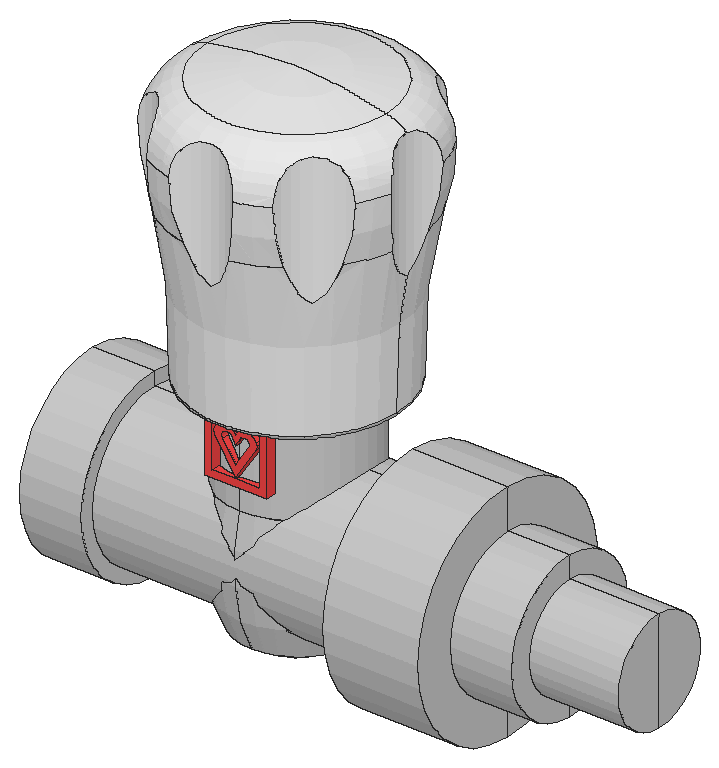
Revit family "Запорно-регулирующий радиаторный клапан GP, проходной 5523", category Rohrzubehör, Revit 2020
Family settings
  Bemaßung runder Anschluss = Durchmesser verwenden
  Teiletyp = Unterbricht
  OmniClass-Nummer = 23.65.55.14
  OmniClass-Titel = Valves for Liquid Services
  Arbeitsebenenbasiert = Nein
  Immer vertikal = Ja
  Beim Laden mit Abzugskörper schneiden = Nein
  Gemeinsam genutzt = Nein
Parameters
  Среда = "Качество воды в соответствии с ÖNORM H 5195 или директивой VDI 2035."
  Область применения = "Системы водяного отопления, в которых требуется точное ручное гидравлическое регулирование подачи воды к отопительным приборам. Рекомендуется также для монтажа в системах холодоснабжения, для точного ручного регулирования регистров охлаждения."
  Номер заказа [instance] = size_lookup("5523_", "Artnr", 0, Nennweite)  # 1552321
  Маховик = "Пластик, белый"  # constant formula
  Макс. рабочее давление = 1000000.0 Pa  # constant formula
  Макс. рабочая температура = 120 °C  # constant formula
  Корпус = "Никелированная латунь"  # constant formula
  Исполнение = "Универсальные модели со специальной муфтой для резьбовой трубы и компрессионных фитингов, никелированные."
  W01 = 60.00°  # constant formula
  Vorgabe-Ansicht = 0.000 mm
  URL = "www.herz-armaturen.ru"
  SCRNSEQ = "ARM;ARM_TYP=\"ALLF\";2"
  SCRNCODE = "05;00;02"  # constant formula
  S04 = 45.000 mm  # constant formula
  S03 = 61.000 mm  # constant formula
  S02 [instance] = L05 + L06 + L07  # 53.300 mm
  S01 = 10.000 mm  # constant formula
  R05 = 25.000 mm  # constant formula
  R04 = 2.000 mm  # constant formula
  R03 = 28.000 mm  # constant formula
  R02 = 11.500 mm  # constant formula
  R01 = 10.500 mm  # constant formula
  Nennweite [instance] = 15.000 mm
  LO1 = 10.500 mm  # constant formula
  L07 [instance] = size_lookup("5523_", "L7", 1.000 mm, Nennweite)  # 22.300 mm
  L06 [instance] = size_lookup("5523_", "L6", 1.000 mm, Nennweite)  # 14.000 mm
  L05 [instance] = L02 - L04  # 17.000 mm
  L04 [instance] = size_lookup("5523_", "L4", 1.000 mm, Nennweite)  # 8.000 mm
  L03 [instance] = size_lookup("5523_", "L3", 1.000 mm, Nennweite)  # 9.000 mm
  L02 [instance] = size_lookup("5523_", "L2", 1.000 mm, Nennweite)  # 25.000 mm
  L01 [instance] = size_lookup("5523_", "L1", 1.000 mm, Nennweite)  # 30.000 mm
  Hersteller = "HERZ Armaturen Ges.m.b.H."  # constant formula
  H02 = 25.500 mm  # constant formula
  H01 = 17.000 mm  # constant formula
  GTI [instance] = size_lookup("5523_", "GT1", 1.000 mm, Nennweite)  # 13.200 mm
  GT [instance] = size_lookup("5523_", "GT", 1.000 mm, Nennweite)  # 9.500 mm
  G2 [instance] = Nennweite / 2  # 7.500 mm
  G1 [instance] = Nennweite / 2  # 7.500 mm
  D05 [instance] = size_lookup("5523_", "D5", 1.000 mm, Nennweite)  # 10.650 mm
  D04 [instance] = size_lookup("5523_", "D4", 1.000 mm, Nennweite)  # 16.500 mm
  D03 [instance] = size_lookup("5523_", "D3", 1.000 mm, Nennweite)  # 9.525 mm
  D02 [instance] = size_lookup("5523_", "D2", 1.000 mm, Nennweite)  # 11.500 mm
  D01 [instance] = size_lookup("5523_", "D1", 1.000 mm, Nennweite)  # 13.500 mm
Reference planes
  plane 1 "Mitte (Vorne/hinten)": y = 0
  plane 2: z = 0
  plane 3 "Mitte (Links/rechts)": x = 0
Forms (mm)
  Revolve 1, solid, material "Messing, weicher Gelbton, geschweißt", detail levels fine
    sketch origin (0, 0, 0) x (1, 0, 0) y (0, 0, 1)
      loop
        line (-20.5, 0) -> (25, 0) -> (25, 9.525) -> (17, 9.525) -> (17, 11.5) -> (-21, 11.5) -> (-21, 13.5) -> (-30, 13.5) -> (-30, 7.5) -> (-20.5, 7.5) -> (-20.5, 0)
      axis (-30, 0) -> (25, 0)
    angle from 0 to 360
  Revolve 2, solid, material "Messing, weicher Gelbton, geschweißt", detail levels fine
    sketch origin (0, 0, 0) x (0, 1, 0) y (0, 0, 1)
      loop
        line (0, 25.5) -> (-10.5, 25.5) -> (-10.5, 7)
        arc (-10.5, 7) -> (-11.341, -2.816) -> (-8.325, -12.194) r 25
        line (-8.325, -12.194) -> (0, -17) -> (0, 25.5)
      axis (0, -17) -> (0, 25.5)
    angle from 0 to 360
  Revolve 3, solid, material "Messing, weicher Gelbton, geschweißt", detail levels fine
    sketch origin (0, 0, 0) x (1, 0, 0) y (0, 0, 1)
      loop
        line (25, 0) -> (53.3, 0) -> (53.3, 7.5) -> (40.1, 7.5) -> (40.1, 10.65) -> (31, 10.65) -> (31, 16.5) -> (17, 16.5) -> (17, 9.525) -> (25, 9.525) -> (25, 0)
      axis (17, 0) -> (53.3, 0)
    angle from 0 to 360
Lines and regions (mm)
  model lines, detail levels coarse+medium
    curve 1: line (-30, 0, 13.5) -> (-30, 0, -13.5)
    curve 2: line (-30, 0, -13.5) -> (30, 0, 13.5)
    curve 3: line (30, 0, 13.5) -> (30, 0, -13.5)
    curve 4: line (30, 0, -13.5) -> (-30, 0, 13.5)
    curve 5: line (30, 0, 13.5) -> (40, 0, 13.5)
    curve 6: line (40, 0, 13.5) -> (30, 0, 0)
    curve 7: line (30, 0, -13.5) -> (40, 0, -13.5)
    curve 8: line (40, 0, -13.5) -> (30, 0, 0)
    curve 9: line (30, 0, 0) -> (53.3, 0, 0)
    curve 10: line (0, 0, 0) -> (0, 0, 61)
    curve 11: line (-22.5, 0, 61) -> (22.5, 0, 61)
    curve 12: line (-30, 13.5, 0) -> (-30, -13.5, 0)
    curve 13: line (-30, -13.5, 0) -> (30, 13.5, 0)
    curve 14: line (30, 13.5, 0) -> (30, -13.5, 0)
    curve 15: line (30, -13.5, 0) -> (-30, 13.5, 0)
    curve 16: line (0, 0, 0) -> (0, 61, 0)
    curve 17: line (-22.5, 61, 0) -> (22.5, 61, 0)
    curve 18: line (30, 13.5, 0) -> (40, 13.5, 0)
    curve 19: line (40, 13.5, 0) -> (30, 0, 0)
    curve 20: line (30, -13.5, 0) -> (40, -13.5, 0)
    curve 21: line (40, -13.5, 0) -> (30, 0, 0)
Dimensions and locks
  "L01": Revolve 1 sketch curve to plane 3 "Mitte (Links/rechts)"
  "L02": Revolve 1 sketch curve to plane 3 "Mitte (Links/rechts)"
  "G1": Revolve 1 sketch curve to plane 2
  "GT": Revolve 1 sketch curve to Revolve 1 sketch curve
  "D01": Revolve 1 sketch curve to Revolve 1 sketch curve
  "D02": Revolve 1 sketch curve to Revolve 1 sketch curve
  "D03": Revolve 1 sketch curve to Revolve 1 sketch curve
  "L03": Revolve 1 sketch curve to Revolve 1 sketch curve
  "L04": Revolve 1 sketch curve to Revolve 1 sketch curve
  "H01": plane 2 to Revolve 2 sketch curve
  "H02": Revolve 2 sketch curve to plane 2
  "R01": Revolve 2 sketch curve to plane 1 "Mitte (Vorne/hinten)"
  "R02": Revolve 2 sketch curve to plane 1 "Mitte (Vorne/hinten)"
  "D03": Revolve 3 sketch curve to plane 2
  "L04": Revolve 3 sketch curve to Revolve 3 sketch curve
  "L05": Revolve 3 sketch curve to plane 3 "Mitte (Links/rechts)"
  "L06": Revolve 3 sketch curve to Revolve 3 sketch curve
  "L07": Revolve 3 sketch curve to Revolve 3 sketch curve
  "D04": Revolve 3 sketch curve to Revolve 3 sketch curve
  "G2": Revolve 3 sketch curve to Revolve 3 sketch curve
  "D05": Revolve 3 sketch curve to Revolve 3 sketch curve
  "GTI": Revolve 3 sketch curve to Revolve 3 sketch curve
  "LO1": nested 2 to plane 2
  "LO1": nested 1 to nested 2
  "D01": curve 4 to plane 2 to curve 2
  "D01": curve 3 to plane 2 to curve 4
  "L01": curve 1 to plane 3 "Mitte (Links/rechts)" to curve 3
  "S01": curve 3 to curve 6
  "S02": curve 9 to plane 3 "Mitte (Links/rechts)"
  "S03": curve 10 to plane 2
  equal spacing: curve 11, curve 10, curve 11
  "S04": curve 11 to curve 11
  "L01": curve 12 to plane 3 "Mitte (Links/rechts)" to curve 14
  "D01": curve 13 to plane 1 "Mitte (Vorne/hinten)" to curve 15
  "D01": curve 15 to plane 1 "Mitte (Vorne/hinten)" to curve 14
  "S03": plane 1 "Mitte (Vorne/hinten)" to curve 16
  equal spacing: curve 17, plane 3 "Mitte (Links/rechts)", curve 17
  "S04": curve 17 to curve 17
  "S01": curve 14 to curve 19
  "S01": curve 14 to curve 21
  "R05": radius of Revolve 2 sketch curve
  "W01": angle Revolve 2 sketch curve to Revolve 2 sketch curve
  aligned and locked: level to plane 2
Automatic sketch dimensions
  curve 10 to level = 0.000 mm
  curve 9 to level = 0.000 mm
  curve 3 to curve 7 = 10.000 mm
  curve 16 to plane 3 "Mitte (Links/rechts)" = 0.000 mm
  plane 1 "Mitte (Vorne/hinten)" to curve 19 = 0.000 mm
  Revolve 1 sketch curve to level = 0.000 mm  (x2)
  Revolve 1 sketch curve to Revolve 1 sketch curve = 1436.530 mm
  Revolve 1 sketch curve to Revolve 1 sketch curve = 1779.148 mm
  Revolve 2 sketch curve to plane 1 "Mitte (Vorne/hinten)" = 0.000 mm  (x2)
  Revolve 2 sketch curve to level = 0.000 mm
  Revolve 2 sketch curve to Revolve 2 sketch curve = 98.333 mm
  Revolve 2 sketch curve to Revolve 2 sketch curve = 1236.335 mm
  Revolve 3 sketch curve to level = 0.000 mm  (x2)
  Revolve 3 sketch curve to plane 3 "Mitte (Links/rechts)" = 1506.530 mm
  Revolve 3 sketch curve to Revolve 3 sketch curve = 1789.648 mm
Nested families
  nested 1: "Handrad-Heizkörperventile" at (0, 0, 20), type "Handrad-Heizkörperventile", detail levels fine
  nested 2: "Herz-Logo-vorne" at (0, -10.5, 15) x (0, 1, 0) z (0, 0, 1), type "Herz-Logo-vorne", detail levels fine
Connectors
  piping at (-20.5, 0, 0), diameter 15, driven by "Nennweite"
    settings: on Revolve 1, index 1, connector inside diameter 609.6 mm, connector length 0.000 mm, flow factor 0, pipe flow 0.0 L/s, pressure drop 0.0 Pa, fitting loss kfactor 0, connector angle 0.00°, fixture units 0, engagement length 0.000 mm, angle of deflection 0.00°, flow configuration 0, flow direction 1, fitting loss method 0, system type 7, joint type 0, gender type 0, connector reference index -1, connector utility 0, adjustable connector no, is connector primary yes, connector description ""
  piping at (53.3, 0, 0), diameter 15, driven by "Nennweite"
    settings: on Revolve 3, index 2, connector inside diameter 609.6 mm, connector length 0.000 mm, flow factor 0, pipe flow 0.0 L/s, pressure drop 0.0 Pa, fitting loss kfactor 0, connector angle 0.00°, fixture units 0, engagement length 0.000 mm, angle of deflection 0.00°, flow configuration 0, flow direction 2, fitting loss method 0, system type 7, joint type 0, gender type 0, connector reference index -1, connector utility 0, adjustable connector no, is connector primary no, connector description ""
Definition of nested family "Handrad-Heizkörperventile"
  Parameters (values of type "Handrad-Heizkörperventile")
    Default Elevation = 0.000 mm
    T01 = 5.500 mm  # constant formula
    R01 = 10.500 mm  # constant formula
  Reference planes
    plane 1 "Mitte (Vorne/hinten)": y = 0
    plane 2: z = 0
    plane 3 "Mitte (Links/rechts)": x = 0
  Forms (mm)
    Revolve 1, solid, detail levels fine
      sketch origin (0, 0, 0) x (1, 0, 0) y (0, 0, 1)
        loop
          line (10.5, 0) -> (14.25, 0)
          arc (14.25, 0) -> (14.604, 0.146) -> (14.75, 0.5) r 0.5
          arc (14.75, 0.5) -> (15.098, 12.356) -> (17.195, 24.03) r 80
          arc (17.195, 24.03) -> (18.172, 28.281) -> (18.5, 32.63) r 29
          arc (18.5, 32.63) -> (17.011, 36.946) -> (13.177, 39.426) r 7
          arc (13.177, 39.426) -> (6.637, 40.626) -> (0, 41.028) r 55
          line (0, 41.028) -> (0, 5.5) -> (10.5, 5.5) -> (10.5, 0)
        axis (0, 41.028) -> (0, 0)
      angle from 0 to 360
    Extrusion 2, void
      sketch origin (0, 0, 0) x (1, 0, 0) y (0, 1, 0)
        loop
          arc (-16.011, 9.268) -> (-11.314, 11.314) -> (-9.268, 16.011) r 7
          arc (-9.268, 16.011) -> (-13.081, 13.081) -> (-16.011, 9.268) r 18.5
        loop
          arc (16.011, 9.268) -> (13.081, 13.081) -> (9.268, 16.011) r 18.5
          arc (9.268, 16.011) -> (11.314, 11.314) -> (16.011, 9.268) r 7
        loop
          arc (-16.011, -9.268) -> (-13.081, -13.081) -> (-9.268, -16.011) r 18.5
          arc (-9.268, -16.011) -> (-11.314, -11.314) -> (-16.011, -9.268) r 7
        loop
          arc (16.011, -9.268) -> (11.314, -11.314) -> (9.268, -16.011) r 7
          arc (9.268, -16.011) -> (13.081, -13.081) -> (16.011, -9.268) r 18.5
        loop
          arc (17.953, 4.58) -> (16.078, -0.188) -> (17.953, -4.956) r 7
          arc (17.953, -4.956) -> (18.578, -0.188) -> (17.953, 4.58) r 18.5
        loop
          arc (-17.953, 4.58) -> (-18.578, -0.188) -> (-17.953, -4.956) r 18.5
          arc (-17.953, -4.956) -> (-16.078, -0.188) -> (-17.953, 4.58) r 7
        loop
          arc (-4.58, 17.953) -> (0.188, 16.078) -> (4.956, 17.953) r 7
          arc (4.956, 17.953) -> (0.188, 18.578) -> (-4.58, 17.953) r 18.5
        loop
          arc (-4.58, -17.953) -> (0.188, -18.578) -> (4.956, -17.953) r 18.5
          arc (4.956, -17.953) -> (0.188, -16.078) -> (-4.58, -17.953) r 7
      from 15.609 to 43.011
  Cuts and joins
    Extrusion 2 cuts Revolve 1
  Dimensions and locks
    "R01": Revolve 1 sketch curve to Revolve 1 sketch curve
    Revolve 1 sketch curve to plane 3 "Mitte (Links/rechts)" = 14.750 mm
    "T01": Revolve 1 sketch curve to Revolve 1 sketch curve
    aligned and locked: level to plane 2
  Automatic sketch dimensions
    Extrusion 2 sketch curve to Extrusion 2 sketch curve = 0.000 mm  (x14)
    plane 1 "Mitte (Vorne/hinten)" to Extrusion 2 sketch curve = 0.000 mm
    Extrusion 2 sketch curve to plane 3 "Mitte (Links/rechts)" = 0.000 mm
    Extrusion 2 sketch curve to plane 3 "Mitte (Links/rechts)" = 0.078 mm
    Extrusion 2 sketch curve to plane 3 "Mitte (Links/rechts)" = 16.263 mm  (x2)
    plane 1 "Mitte (Vorne/hinten)" to Extrusion 2 sketch curve = 0.188 mm  (x2)
    Extrusion 2 sketch curve to Extrusion 2 sketch curve = 6.815 mm  (x4)
    plane 3 "Mitte (Links/rechts)" to Extrusion 2 sketch curve = 0.078 mm
    plane 3 "Mitte (Links/rechts)" to Extrusion 2 sketch curve = 0.188 mm  (x2)
    plane 1 "Mitte (Vorne/hinten)" to Extrusion 2 sketch curve = 0.078 mm
    Extrusion 2 sketch curve to Extrusion 2 sketch curve = 0.110 mm  (x2)
    Extrusion 2 sketch curve to plane 1 "Mitte (Vorne/hinten)" = 0.078 mm
    plane 3 "Mitte (Links/rechts)" to Extrusion 2 sketch curve = 16.263 mm  (x2)
    plane 1 "Mitte (Vorne/hinten)" to Extrusion 2 sketch curve = 16.263 mm  (x2)
    Extrusion 2 sketch curve to plane 1 "Mitte (Vorne/hinten)" = 16.263 mm  (x2)
    Extrusion 2 sketch curve to plane 3 "Mitte (Links/rechts)" = 4.580 mm  (x2)
    Extrusion 2 sketch curve to Extrusion 2 sketch curve = 4.688 mm  (x2)
    Extrusion 2 sketch curve to Extrusion 2 sketch curve = 0.252 mm  (x4)
    Extrusion 2 sketch curve to Extrusion 2 sketch curve = 1.942 mm  (x4)
    Extrusion 2 sketch curve to Extrusion 2 sketch curve = 4.312 mm  (x4)
    Revolve 1 sketch curve to plane 3 "Mitte (Links/rechts)" = 0.000 mm  (x2)
    Revolve 1 sketch curve to level = 0.000 mm
    Revolve 1 sketch curve to plane 3 "Mitte (Links/rechts)" = 10.500 mm
    plane 3 "Mitte (Links/rechts)" to Revolve 1 sketch curve = 11.500 mm
    Revolve 1 sketch curve to Revolve 1 sketch curve = 0.500 mm
    level to Revolve 1 sketch curve = 4.086 mm
    Revolve 1 sketch curve to Revolve 1 sketch curve = 79.920 mm
    Revolve 1 sketch curve to level = 13.972 mm
    Revolve 1 sketch curve to Revolve 1 sketch curve = 27.130 mm
    Revolve 1 sketch curve to Revolve 1 sketch curve = 8.398 mm
    Revolve 1 sketch curve to Revolve 1 sketch curve = 0.000 mm
    Revolve 1 sketch curve to Revolve 1 sketch curve = 1.305 mm
    Revolve 1 sketch curve to Revolve 1 sketch curve = 352.073 mm
    Revolve 1 sketch curve to Revolve 1 sketch curve = 2173.287 mm
Definition of nested family "Herz-Logo-vorne"
  Parameters (values of type "Herz-Logo-vorne")
    Default Elevation = 0.000 mm
  Reference planes
    plane 1 "Mitte (Vorne/hinten)": y = 0
    plane 2: z = 0
    plane 3 "Mitte (Links/rechts)": x = 0
  Forms (mm)
    Extrusion 1, solid
      sketch origin (0.732, -0.018, 0.017) x (0, -1, 0) y (0, 0, 1)
        loop
          line (-0.018, -4.517) -> (4.482, -4.517) -> (4.482, 4.483) -> (-4.518, 4.483) -> (-4.518, -4.517) -> (-0.018, -4.517)
        loop
          line (-0.05, -3.48) -> (3.482, -3.48) -> (3.482, 3.483) -> (-3.518, 3.483) -> (-3.518, -3.48) -> (-0.05, -3.48)
        loop
          arc (-0.018, 2.383) -> (-1.543, 3.287) -> (-3.067, 2.383) r 1.738
          arc (-3.067, 2.383) -> (-3.191, 1.899) -> (-3.067, 1.415) r 1.009
          line (-3.067, 1.415) -> (-0.018, -3.281) -> (3.032, 1.415)
          arc (3.032, 1.415) -> (3.156, 1.899) -> (3.032, 2.383) r 1.009
          arc (3.032, 2.383) -> (1.507, 3.287) -> (-0.018, 2.383) r 1.738
        loop
          arc (1.885, 1.272) -> (2.005, 1.675) -> (1.885, 2.079) r 0.74
          arc (1.885, 2.079) -> (1.265, 2.416) -> (0.644, 2.079) r 0.74
          line (0.644, 2.079) -> (-0.018, 0.97) -> (-0.679, 2.079)
          arc (-0.679, 2.079) -> (-1.3, 2.416) -> (-1.921, 2.079) r 0.74
          arc (-1.921, 2.079) -> (-2.04, 1.675) -> (-1.921, 1.272) r 0.74
          line (-1.921, 1.272) -> (-0.018, -1.658) -> (1.885, 1.272)
      from 0 to 1.5
  Dimensions and locks
    aligned and locked: level to plane 2
